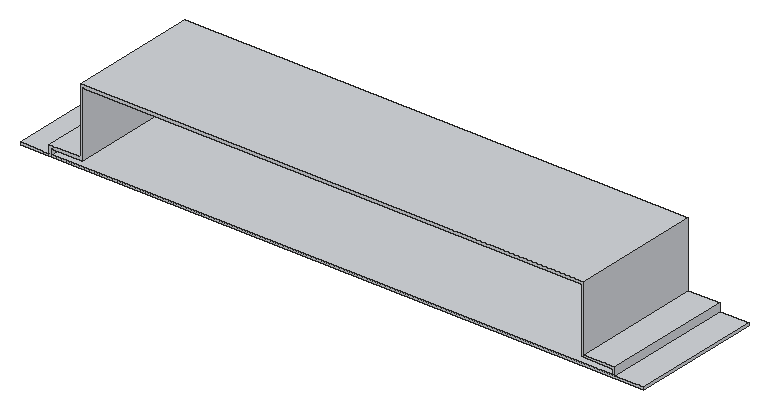
Revit family "Estrichüberdecktes Kanalsystem EÜK_Verbindungslasche", category Generic Models, Revit 2015
Parameters (values of type "VL 19028E")
  Width = 191 mm
  URL = "http://www.obo-bettermann.com"
  Material = Steel, Galvanized
  Manufacturer Art. No. = "7400960"
  Manufacturer = "OBO Bettermann"
  Length = 50 mm
  Height = 29 mm
  GTIN = "4012195432845"
  Article Type = "VL 19028E"
Types (10, lengths in mm): name | Width | Manufacturer Art. No. | Height | GTIN | Article Type
  (no name) | 191 | "7400960" | 29 | "4012195432845" | "VL 19028E"
  VL 19028E | 191 | "7400960" | 29 | "4012195432845" | "VL 19028E"
  VL 19038E | 191 | "7400962" | 39 | "4012195432883" | "VL 19038E"
  VL 25028E | 251 | "7400966" | 29 | "4012195432906" | "VL 25028E"
  VL 35028E | 351 | "7400972" | 49 | "4012195432968" | "VL 35028E"
  VL 25038E | 251 | "7400968" | 39 | "4012195432944" | "VL 25038E"
  VL 35038E | 351 | "7400974" | 39 | "4012195433002" | "VL 35038E"
  VL 19048E | 191 | "7400964" | 49 | "4012195432890" | "VL 19048E"
  VL 25048E | 251 | "7400970" | 49 | "4012195432951" | "VL 25048E"
  VL 35048E | 351 | "7400976" | 49 | "4012195433019" | "VL 35049E"
Reference planes
  plane 1 "Center (Front/Back)": y = 0
  plane 2: z = 0
  plane 3 "Center (Left/Right)": x = 0
  plane 4: y = -50
  plane 5: x = 95.5
  plane 6: x = -95.5
  plane 7: z = 29
  plane 8: z = 4
  plane 9: z = 1
Forms (mm)
  Extrusion 1, solid
    sketch origin (0, 0, 0) x (1, 0, 0) y (0, 0, 1)
      loop
        line (119.5, 0) -> (119.5, 1) -> (108.5, 1) -> (108.5, 4) -> (96.5, 4) -> (96.5, 29) -> (-96.5, 29) -> (-96.5, 4) -> (-108.5, 4) -> (-108.5, 1) -> (-119.5, 1) -> (-119.5, 0) -> (119.5, 0)
      loop
        line (107.5, 1) -> (107.5, 3) -> (95.5, 3) -> (95.5, 28) -> (-95.5, 28) -> (-95.5, 3) -> (-107.5, 3) -> (-107.5, 1) -> (107.5, 1)
    from 0 to 50
Lines and regions (mm)
  model lines
    curve 1: line (95.5, 0, 28) -> (-95.5, 0, 28)
    curve 2: line (96.5, 0, 29) -> (-96.5, 0, 29)
    curve 3: line (96.5, 0, 29) -> (96.5, 0, 4)
    curve 4: line (96.5, 0, 4) -> (108.5, 0, 4)
    curve 5: line (108.5, 0, 1) -> (108.5, 0, 4)
    curve 6: line (108.5, 0, 1) -> (119.5, 0, 1)
    curve 7: line (119.5, 0, 1) -> (119.5, 0, 0)
    curve 8: line (95.5, 0, 28) -> (95.5, 0, 3)
    curve 9: line (95.5, 0, 3) -> (107.5, 0, 3)
    curve 10: line (107.5, 0, 1) -> (107.5, 0, 3)
    curve 11: line (-95.5, 0, 28) -> (-95.5, 0, 3)
    curve 12: line (-95.5, 0, 3) -> (-107.5, 0, 3)
    curve 13: line (-107.5, 0, 1) -> (-107.5, 0, 3)
    curve 14: line (-107.5, 0, 1) -> (107.5, 0, 1)
    curve 15: line (-119.5, 0, 0) -> (-119.5, 0, 1)
    curve 16: line (-119.5, 0, 1) -> (-108.5, 0, 1)
    curve 17: line (-108.5, 0, 1) -> (-108.5, 0, 4)
    curve 18: line (-108.5, 0, 4) -> (-96.5, 0, 4)
    curve 19: line (-96.5, 0, 4) -> (-96.5, 0, 29)
    curve 20: line (119.5, 0, 0) -> (-119.5, 0, 0)
Dimensions and locks
  "Length": plane 1 "Center (Front/Back)" to plane 4
  "Height": level to plane 7
  locked: curve 1 to plane 7 at 1
  locked: level to plane 8 at 4
  locked: level to plane 9 at 1
  equal spacing: plane 6, plane 3 "Center (Left/Right)", plane 5
  "Width": plane 6 to plane 5
  locked: curve 3 to curve 8 at 1
  locked: curve 8 to curve 10 at 12
  locked: curve 9 to curve 4 at 1
  locked: curve 11 to curve 19 at 1
  locked: curve 13 to curve 11 at 12
  locked: curve 17 to curve 13 at 1
  locked: curve 10 to curve 5 at 1
  locked: curve 12 to curve 18 at 1
  locked: curve 15 to curve 17 at 11
  locked: curve 5 to curve 7 at 11
  aligned and locked: level to plane 2
  aligned and locked: plane 7 to curve 2
  aligned and locked: curve 6 to plane 9
  aligned and locked: plane 5 to curve 8
  aligned and locked: plane 6 to curve 11
  aligned and locked: curve 14 to plane 9
  aligned and locked: curve 16 to plane 9
  aligned and locked: curve 18 to plane 8
  aligned and locked: curve 4 to plane 8
  aligned and locked: plane 2 to curve 20
  aligned and locked: Extrusion 1 sketch curve to curve 20
  aligned and locked: Extrusion 1 sketch curve to curve 15
  aligned and locked: Extrusion 1 sketch curve to curve 16
  aligned and locked: Extrusion 1 sketch curve to curve 17
  aligned and locked: Extrusion 1 sketch curve to curve 18
  aligned and locked: Extrusion 1 sketch curve to curve 19
  aligned and locked: Extrusion 1 sketch curve to curve 2
  aligned and locked: Extrusion 1 sketch curve to curve 3
  aligned and locked: Extrusion 1 sketch curve to curve 4
  aligned and locked: Extrusion 1 sketch curve to curve 5
  aligned and locked: Extrusion 1 sketch curve to curve 6
  aligned and locked: Extrusion 1 sketch curve to curve 7
  aligned and locked: Extrusion 1 sketch curve to curve 14
  aligned and locked: Extrusion 1 sketch curve to curve 13
  aligned and locked: Extrusion 1 sketch curve to curve 12
  aligned and locked: Extrusion 1 sketch curve to curve 11
  aligned and locked: Extrusion 1 sketch curve to curve 1
  aligned and locked: Extrusion 1 sketch curve to curve 8
  aligned and locked: Extrusion 1 sketch curve to curve 9
  aligned and locked: Extrusion 1 sketch curve to curve 10
  aligned and locked: Extrusion 1 to plane 4
